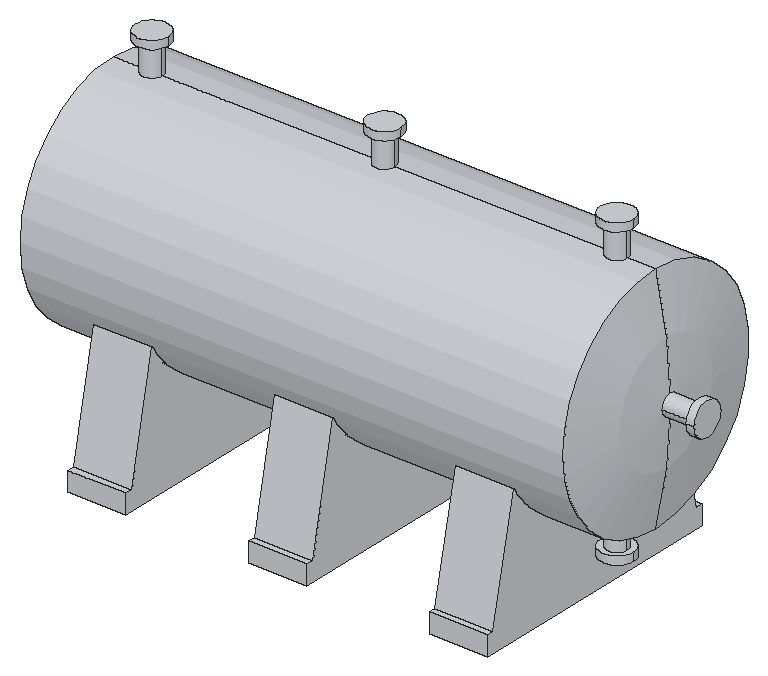
Revit family "9a85b38504ae4ae0aabf37e9b0a1548c", category Mechanical Equipment, Revit 2021
Family settings
  Round Connector Dimension = Use Radius
  Part Type = Normal
  OmniClass Number = 23.15.30.27.11
  OmniClass Title = Tanks, Reservoirs
  Seek Item ID = Storage Tank - Horizontal-0000-USA-ENU
  Work Plane-Based = No
  Always vertical = Yes
  Cut with Voids When Loaded = No
  Shared = No
  Room Calculation Point = No
Parameters (values of type "120 Gallon")
  Width 1 = 0.41 * Tank Diameter + Height 2 / tan(75.00°)  # 1' - 1.05539"
  Vent Radius = 1"
  Vent Diameter = Vent Radius * 2  # 2"
  Tank Rasius = Tank Diameter / 2  # 1' - 0"
  Tank Material = none
  Tank Length = 5' - 6 5/8"
  Tank Diameter = 2' - 0"
  Radius 1 = (((Tank Length - Body Length) / 2 - 0' 0 13/16" - 0' 3") * ((Tank Length - Body Length) / 2 - 0' 0 13/16" - 0' 3") + Tank Rasius * Tank Rasius) / (2 * ((Tank Length - Body Length) / 2 - 0' 0 13/16" - 0' 3"))  # 4' - 0 3/4"
  Outlet Radius = 1"
  Outlet Diameter = Outlet Radius * 2  # 2"
  Length 1 = Body Length / 6  # 0' - 9.33333"
  Inlet Radius = 1"
  Inlet Diameter = Inlet Radius * 2  # 2"
  Height 2 = Height 1 + Tank Diameter / 4  # 1' - 0"
  Height 1 = 0' - 6"
  Half Body Length = Body Length / 2  # 2' - 4"
  Sanitary Radius = 1"
  Sanitary Diameter = Sanitary Radius * 2  # 2"
  Flow [instance] = 0 GPM
  Default Elevation = 0' - 0"
  Connector Outside Radius = Connector Outside Diameter / 2  # 1.05"
  Connector Outside Diameter = Inlet Diameter * 1.05  # 2.1"
  Connector  Flange Outside Radius = Connector  Flange Outside Diameter / 2  # 1.7"
  Connector  Flange Outside Diameter = Inlet Diameter * 1.7  # 3.4"
  Body Length = Tank Length - 0' 0 13/16" - 0' 3" - 0' 0 13/16" - 0' 3" - 0' 3"  # 4' - 8"
  Assembly Code = ""
Types (8): name | Width 1 | Vent Radius | Vent Diameter | Tank Rasius | Tank Length | Tank Diameter | Radius 1 | Outlet Radius | Outlet Diameter | Length 1 | Inlet Radius | Inlet Diameter | Height 2 | Height 1 | Half Body Length | Sanitary Radius | Sanitary Diameter | Connector Outside Radius | Connector Outside Diameter | Connector  Flange Outside Radius | Connector  Flange Outside Diameter | Body Length
  200 Gallon | 1' - 4.31924" | 1 1/4" | 2 1/2" | 1' - 3" | 6' - 2 9/32" | 2' - 6" | 6' - 3 3/4" | 1 1/4" | 2 1/2" | 0' - 10 39/64" | 1 1/4" | 2 1/2" | 1' - 3" | 0' - 7 1/2" | 2' - 7 53/64" | 1 1/4" | 2 1/2" | 1 5/16" | 2 5/8" | 2 1/8" | 4 1/4" | 5' - 3 21/32"
  120 Gallon | 1' - 1.05539" | 1" | 2" | 1' - 0" | 5' - 6 5/8" | 2' - 0" | 4' - 0 3/4" | 1" | 2" | 0' - 9.33333" | 1" | 2" | 1' - 0" | 0' - 6" | 2' - 4" | 1" | 2" | 1.05" | 2.1" | 1.7" | 3.4" | 4' - 8"
  350 Gallon | 1' - 7.58309" | 1 1/4" | 2 1/2" | 1' - 6" | 7' - 6 9/32" | 3' - 0" | 9' - 0 3/4" | 1 1/4" | 2 1/2" | 1' - 1.27604" | 1 1/4" | 2 1/2" | 1' - 6" | 0' - 9" | 3' - 3 53/64" | 1 1/4" | 2 1/2" | 1 5/16" | 2 5/8" | 2 1/8" | 4 1/4" | 6' - 7 21/32"
  500 Gallon | 2' - 2.11078" | 1 1/2" | 3" | 2' - 0" | 8' - 7 179/256" | 4' - 0" | 16' - 0 3/4" | 1 1/2" | 3" | 1' - 3.51237" | 1 1/2" | 3" | 2' - 0" | 1' - 0" | 3' - 10.53711" | 1 1/2" | 3" | 1.575" | 3.15" | 2.55" | 5.1" | 7' - 9 19/256"
  750 Gallon | 2' - 2.11078" | 1 1/2" | 3" | 2' - 0" | 9' - 5 3/4" | 4' - 0" | 16' - 0 3/4" | 1 1/2" | 3" | 1' - 5 3/16" | 1 1/2" | 3" | 2' - 0" | 1' - 0" | 4' - 3 9/16" | 1 1/2" | 3" | 1.575" | 3.15" | 2.55" | 5.1" | 8' - 7 1/8"
  1000 Gallon | 2' - 2.11078" | 1 1/2" | 3" | 2' - 0" | 12' - 1 3/4" | 4' - 0" | 16' - 0 3/4" | 1 1/2" | 3" | 1' - 10.52083" | 1 1/2" | 3" | 2' - 0" | 1' - 0" | 5' - 7 9/16" | 1 1/2" | 3" | 1.575" | 3.15" | 2.55" | 5.1" | 11' - 3 1/8"
  2000 Gallon | 2' - 5.37463" | 1 1/2" | 3" | 2' - 3" | 12' - 3 3/4" | 4' - 6" | 20' - 3 3/4" | 1 1/2" | 3" | 1' - 10.85417" | 1 1/2" | 3" | 2' - 3" | 1' - 1 1/2" | 5' - 8 9/16" | 1 1/2" | 3" | 1.575" | 3.15" | 2.55" | 5.1" | 11' - 5 1/8"
  3000 Gallon | 2' - 8.63848" | 1 1/2" | 3" | 2' - 6" | 12' - 3 3/4" | 5' - 0" | 25' - 0 3/4" | 1 1/2" | 3" | 1' - 10.85417" | 1 1/2" | 3" | 2' - 6" | 1' - 3" | 5' - 8 9/16" | 1 1/2" | 3" | 1.575" | 3.15" | 2.55" | 5.1" | 11' - 5 1/8"
Reference planes (in)
  plane 1 "Center (Front/Back)": y = 0
  plane 2: z = 0
  plane 3 "Center (Left/Right)": x = 0
  plane 4: z = 2
  plane 5: z = 8
  plane 6: z = 20
  plane 7: x = -33.3125
  plane 8: x = 33.3125
  plane 9: x = -32.5
  plane 10: x = 32.5
  plane 11: x = -29.5
  plane 12: x = 29.5
  plane 13: z = 32
  plane 14: x = -28
  plane 15: x = 28
  plane 16: x = -24
  plane 17: z = 35
  plane 18: z = 35.8125
  plane 19: x = 24
  plane 20: z = 5
  plane 21: z = 4.1875
  plane 22: x = -18.66667
  plane 23: x = -21.66667
  plane 24: x = -15.66667
  plane 25: x = 18.66667
  plane 26: x = 21.66667
  plane 27: z = 14
  plane 28: y = -13.05539
  plane 29: y = 13.05539
  plane 30: y = -13.80539
  plane 31: y = 13.80539
  plane 32: x = 15.66667
  plane 33: x = -3
  plane 34: x = 3
  plane 35: y = 12
  plane 36: y = -12
  plane 37: y = 1.7
  plane 38: y = -1.7
  plane 39: y = 1.05
  plane 40: y = -1.05
Forms (in)
  Revolve 1, solid, material <- "Tank Material"
    sketch origin (0, 0, 0) x (1, 0, 0) y (0, 0, 1)
      loop
        arc (-28, 32) -> (-29.12355, 26.04669) -> (-29.5, 20) r 48.75
        line (-29.5, 20) -> (29.5, 20)
        arc (29.5, 20) -> (29.12355, 26.04669) -> (28, 32) r 48.75
        line (28, 32) -> (-28, 32)
      axis (-29.5, 20) -> (29.5, 20)
    angle from 0 to 360
  Extrusion 2, solid, material <- "Tank Material"
    sketch origin (0, 0, 0) x (1, 0, 0) y (0, 1, 0)
      loop
        circle (-24, 0) r 1.05
    from 32 to 35
  Extrusion 3, solid, material <- "Tank Material"
    sketch origin (0, 0, 0) x (1, 0, 0) y (0, 1, 0)
      loop
        circle (-24, 0) r 1.7
    from 35 to 35.8125
  Extrusion 4, solid, material <- "Tank Material"
    sketch origin (0, 0, 0) x (1, 0, 0) y (0, 1, 0)
      loop
        circle (24, 0) r 1.05
    from 32 to 35
  Extrusion 5, solid, material <- "Tank Material"
    sketch origin (0, 0, 0) x (1, 0, 0) y (0, 1, 0)
      loop
        circle (24, 0) r 1.7
    from 35 to 35.8125
  Extrusion 6, solid, material <- "Tank Material"
    sketch origin (0, 0, 0) x (1, 0, 0) y (0, 1, 0)
      loop
        circle (0, 0) r 1.05
    from 32 to 35
  Extrusion 7, solid, material <- "Tank Material"
    sketch origin (0, 0, 0) x (1, 0, 0) y (0, 1, 0)
      loop
        circle (0, 0) r 1.7
    from 35 to 35.8125
  Extrusion 8, solid, material <- "Tank Material"
    sketch origin (0, 0, 0) x (1, 0, 0) y (0, 1, 0)
      loop
        circle (-24, 0) r 1.05
    from 5 to 8
  Extrusion 9, solid, material <- "Tank Material"
    sketch origin (0, 0, 0) x (1, 0, 0) y (0, 1, 0)
      loop
        circle (-24, 0) r 1.7
    from 4.1875 to 5
  Extrusion 10, solid, material <- "Tank Material"
    sketch origin (0, 0, 0) x (1, 0, 0) y (0, 1, 0)
      loop
        circle (24, 0) r 1.05
    from 5 to 8
  Extrusion 11, solid, material <- "Tank Material"
    sketch origin (0, 0, 0) x (1, 0, 0) y (0, 1, 0)
      loop
        circle (24, 0) r 1.7
    from 4.1875 to 5
  Extrusion 12, solid, material <- "Tank Material"
    sketch origin (0, 0, 0) x (0, 1, 0) y (0, 0, 1)
      loop
        circle (0, 20) r 1.05
    from -32.5 to -29.5
  Extrusion 13, solid, material <- "Tank Material"
    sketch origin (0, 0, 0) x (0, 1, 0) y (0, 0, 1)
      loop
        circle (0, 20) r 1.7
    from -33.3125 to -32.5
  Extrusion 14, solid, material <- "Tank Material"
    sketch origin (0, 0, 0) x (0, 1, 0) y (0, 0, 1)
      loop
        circle (0, 20) r 1.05
    from 29.5 to 32.5
  Extrusion 15, solid, material <- "Tank Material"
    sketch origin (0, 0, 0) x (0, 1, 0) y (0, 0, 1)
      loop
        circle (0, 20) r 1.7
    from 32.5 to 33.3125
  Extrusion 16, solid, material <- "Tank Material"
    sketch origin (0, 0, 0) x (0, 1, 0) y (0, 0, 1)
      loop
        arc (10.3923, 14) -> (0, 8) -> (-10.3923, 14) r 12
        line (-10.3923, 14) -> (-13.05539, 2) -> (-13.80539, 2) -> (-13.80539, 0) -> (13.80539, 0) -> (13.80539, 2) -> (13.05539, 2) -> (10.3923, 14)
    from -21.66667 to -15.66667
  Extrusion 17, solid, material <- "Tank Material"
    sketch origin (78.5, 0, 0) x (0, 1, 0) y (0, 0, 1)
      loop
        arc (10.3923, 14) -> (0, 8) -> (-10.3923, 14) r 12
        line (-10.3923, 14) -> (-13.05539, 2) -> (-13.80539, 2) -> (-13.80539, 0) -> (13.80539, 0) -> (13.80539, 2) -> (13.05539, 2) -> (10.3923, 14)
    from -62.83333 to -56.83333
  Extrusion 18, solid, material <- "Tank Material"
    sketch origin (18.66667, 0, 0) x (0, 1, 0) y (0, 0, 1)
      loop
        arc (10.3923, 14) -> (0, 8) -> (-10.3923, 14) r 12
        line (-10.3923, 14) -> (-13.05539, 2) -> (-13.80539, 2) -> (-13.80539, 0) -> (13.80539, 0) -> (13.80539, 2) -> (13.05539, 2) -> (10.3923, 14)
    from -21.66667 to -15.66667
Lines and regions (in)
  symbolic lines, detail levels fine
    curve 1: circle (-24, 0, 0) r 1.7 normal (0, 0, 1)
    curve 2: circle (0, 0, 0) r 1.7 normal (0, 0, 1)
    curve 3: circle (24, 0, 0) r 1.7 normal (0, 0, 1)
Dimensions and locks (in)
  locked: plane 4 to plane 2 at 2
  "Height 1": plane 5 to plane 4
  "Tank Rasius": plane 6 to plane 5
  "Tank Length": plane 8 to plane 7
  equal spacing: plane 8, plane 3 "Center (Left/Right)", plane 7
  locked: plane 9 to plane 7 at 0.8125
  locked: plane 8 to plane 10 at 0.8125
  locked: plane 11 to plane 9 at 3
  locked: plane 10 to plane 12 at 3
  "Tank Rasius": plane 13 to plane 6
  "Half Body Length": plane 3 "Center (Left/Right)" to plane 14
  "Half Body Length": plane 15 to plane 3 "Center (Left/Right)"
  locked: plane 14 to plane 16 at 4
  locked: plane 17 to plane 13 at 3
  locked: plane 18 to plane 17 at 0.8125
  locked: plane 19 to plane 15 at 4
  locked: plane 5 to plane 20 at 3
  locked: plane 20 to plane 21 at 0.8125
  "Length 1": plane 22 to plane 14
  locked: plane 22 to plane 23 at 3
  locked: plane 24 to plane 22 at 3
  "Length 1": plane 15 to plane 25
  locked: plane 26 to plane 25 at 3
  "Width 1": plane 1 "Center (Front/Back)" to plane 28
  "Width 1": plane 29 to plane 1 "Center (Front/Back)"
  locked: plane 28 to plane 30 at 0.75
  locked: plane 31 to plane 29 at 0.75
  "Height 2": plane 27 to plane 4
  locked: plane 25 to plane 32 at 3
  locked: plane 34 to plane 3 "Center (Left/Right)" at 3
  locked: plane 3 "Center (Left/Right)" to plane 33 at 3
  "Tank Rasius": plane 1 "Center (Front/Back)" to plane 35
  "Tank Rasius": plane 1 "Center (Front/Back)" to plane 36
  "Connector  Flange Outside Radius": plane 37 to plane 1 "Center (Front/Back)"
  "Connector  Flange Outside Radius": plane 1 "Center (Front/Back)" to plane 38
  "Connector Outside Radius": plane 1 "Center (Front/Back)" to plane 39
  "Connector Outside Radius": plane 40 to plane 1 "Center (Front/Back)"
  "Connector Outside Radius": radius of Extrusion 2 sketch curve
  "Connector  Flange Outside Radius": radius of Extrusion 3 sketch curve
  "Connector Outside Radius": radius of Extrusion 4 sketch curve
  "Connector  Flange Outside Radius": radius of Extrusion 5 sketch curve
  "Connector Outside Radius": radius of Extrusion 6 sketch curve
  "Connector  Flange Outside Radius": radius of Extrusion 7 sketch curve
  "Connector Outside Radius": radius of Extrusion 8 sketch curve
  "Connector  Flange Outside Radius": radius of Extrusion 9 sketch curve
  "Connector Outside Radius": radius of Extrusion 10 sketch curve
  "Connector  Flange Outside Radius": radius of Extrusion 11 sketch curve
  "Connector Outside Radius": radius of Extrusion 12 sketch curve
  "Connector  Flange Outside Radius": radius of Extrusion 13 sketch curve
  "Connector Outside Radius": radius of Extrusion 14 sketch curve
  "Connector  Flange Outside Radius": radius of Extrusion 15 sketch curve
  "Tank Rasius": radius of Extrusion 16 sketch curve
  "Tank Rasius": radius of Extrusion 17 sketch curve
  "Tank Rasius": radius of Extrusion 18 sketch curve
  "Connector  Flange Outside Radius": radius of curve 1
  "Connector  Flange Outside Radius": radius of curve 2
  "Connector  Flange Outside Radius": radius of curve 3
  aligned and locked: Revolve 1 sketch curve to plane 6  (x2)
  aligned and locked: Revolve 1 sketch curve to plane 13
  aligned and locked: plane 14 to Revolve 1 sketch curve
  aligned and locked: Revolve 1 sketch curve to Revolve 1 sketch curve
  aligned and locked: plane 15 to Revolve 1 sketch curve
  aligned and locked: plane 11 to Revolve 1 sketch curve
  aligned and locked: plane 12 to Revolve 1 sketch curve
  aligned and locked: plane 1 "Center (Front/Back)" to Extrusion 2 sketch curve
  aligned and locked: plane 16 to Extrusion 2 sketch curve
  aligned and locked: plane 13 to Extrusion 2
  aligned and locked: plane 17 to Extrusion 2
  aligned and locked: plane 1 "Center (Front/Back)" to Extrusion 3 sketch curve
  aligned and locked: plane 16 to Extrusion 3 sketch curve
  aligned and locked: plane 17 to Extrusion 3
  aligned and locked: plane 18 to Extrusion 3
  aligned and locked: plane 1 "Center (Front/Back)" to Extrusion 4 sketch curve
  aligned and locked: plane 19 to Extrusion 4 sketch curve
  aligned and locked: Extrusion 4 to Extrusion 2
  aligned and locked: Extrusion 4 to plane 13
  aligned and locked: plane 1 "Center (Front/Back)" to Extrusion 5 sketch curve
  aligned and locked: plane 19 to Extrusion 5 sketch curve
  aligned and locked: plane 18 to Extrusion 5
  aligned and locked: Extrusion 5 to plane 17
  aligned and locked: plane 3 "Center (Left/Right)" to Extrusion 6 sketch curve
  aligned and locked: plane 1 "Center (Front/Back)" to Extrusion 6 sketch curve
  aligned and locked: plane 17 to Extrusion 6
  aligned and locked: Extrusion 6 to plane 13
  aligned and locked: plane 3 "Center (Left/Right)" to Extrusion 7 sketch curve
  aligned and locked: plane 1 "Center (Front/Back)" to Extrusion 7 sketch curve
  aligned and locked: plane 18 to Extrusion 7
  aligned and locked: Extrusion 7 to plane 17
  aligned and locked: plane 16 to Extrusion 8 sketch curve
  aligned and locked: plane 1 "Center (Front/Back)" to Extrusion 8 sketch curve
  aligned and locked: plane 5 to Extrusion 8
  aligned and locked: Extrusion 8 to plane 20
  aligned and locked: plane 16 to Extrusion 9 sketch curve
  aligned and locked: plane 1 "Center (Front/Back)" to Extrusion 9 sketch curve
  aligned and locked: Extrusion 9 to plane 21
  aligned and locked: plane 20 to Extrusion 9
  aligned and locked: plane 19 to Extrusion 10 sketch curve
  aligned and locked: plane 1 "Center (Front/Back)" to Extrusion 10 sketch curve
  aligned and locked: plane 5 to Extrusion 10
  aligned and locked: Extrusion 10 to plane 20
  aligned and locked: plane 19 to Extrusion 11 sketch curve
  aligned and locked: plane 1 "Center (Front/Back)" to Extrusion 11 sketch curve
  aligned and locked: plane 20 to Extrusion 11
  aligned and locked: Extrusion 11 to plane 21
  aligned and locked: plane 1 "Center (Front/Back)" to Extrusion 12 sketch curve
  aligned and locked: plane 6 to Extrusion 12 sketch curve
  aligned and locked: Extrusion 12 to plane 9
  aligned and locked: plane 11 to Extrusion 12
  aligned and locked: plane 1 "Center (Front/Back)" to Extrusion 13 sketch curve
  aligned and locked: plane 6 to Extrusion 13 sketch curve
  aligned and locked: Extrusion 13 to plane 7
  aligned and locked: plane 9 to Extrusion 13
  aligned and locked: plane 1 "Center (Front/Back)" to Extrusion 14 sketch curve
  aligned and locked: plane 6 to Extrusion 14 sketch curve
  aligned and locked: plane 10 to Extrusion 14
  aligned and locked: Extrusion 14 to plane 12
  aligned and locked: plane 6 to Extrusion 15 sketch curve
  aligned and locked: plane 1 "Center (Front/Back)" to Extrusion 15 sketch curve
  aligned and locked: plane 8 to Extrusion 15
  aligned and locked: Extrusion 15 to plane 10
  aligned and locked: plane 6 to Extrusion 16 sketch curve
  aligned and locked: plane 1 "Center (Front/Back)" to Extrusion 16 sketch curve
  aligned and locked: plane 27 to Extrusion 16 sketch curve  (x2)
  aligned and locked: plane 4 to Extrusion 16 sketch curve  (x4)
  aligned and locked: plane 28 to Extrusion 16 sketch curve
  aligned and locked: plane 29 to Extrusion 16 sketch curve
  aligned and locked: plane 30 to Extrusion 16 sketch curve  (x2)
  aligned and locked: Extrusion 16 sketch curve to plane 31
  aligned and locked: plane 2 to Extrusion 16 sketch curve  (x2)
  aligned and locked: plane 31 to Extrusion 16 sketch curve
  aligned and locked: Extrusion 16 to plane 23
  aligned and locked: plane 24 to Extrusion 16
  aligned and locked: plane 26 to Extrusion 17
  aligned and locked: Extrusion 17 to plane 32
  aligned and locked: plane 6 to Extrusion 17 sketch curve
  aligned and locked: plane 1 "Center (Front/Back)" to Extrusion 17 sketch curve
  aligned and locked: plane 27 to Extrusion 17 sketch curve  (x2)
  aligned and locked: plane 4 to Extrusion 17 sketch curve  (x4)
  aligned and locked: plane 28 to Extrusion 17 sketch curve
  aligned and locked: plane 30 to Extrusion 17 sketch curve  (x2)
  aligned and locked: plane 29 to Extrusion 17 sketch curve
  aligned and locked: Extrusion 17 sketch curve to plane 31
  aligned and locked: plane 2 to Extrusion 17 sketch curve  (x2)
  aligned and locked: plane 31 to Extrusion 17 sketch curve
  aligned and locked: plane 34 to Extrusion 18
  aligned and locked: Extrusion 18 to plane 33
  aligned and locked: plane 6 to Extrusion 18 sketch curve
  aligned and locked: plane 1 "Center (Front/Back)" to Extrusion 18 sketch curve
  aligned and locked: plane 27 to Extrusion 18 sketch curve  (x2)
  aligned and locked: plane 4 to Extrusion 18 sketch curve  (x4)
  aligned and locked: plane 29 to Extrusion 18 sketch curve
  aligned and locked: plane 28 to Extrusion 18 sketch curve
  aligned and locked: plane 31 to Extrusion 18 sketch curve  (x2)
  aligned and locked: plane 30 to Extrusion 18 sketch curve  (x2)
  aligned and locked: plane 2 to Extrusion 18 sketch curve  (x2)
  aligned and locked: plane 16 to curve 1
  aligned and locked: plane 1 "Center (Front/Back)" to curve 1
  aligned and locked: plane 1 "Center (Front/Back)" to curve 2
  aligned and locked: plane 3 "Center (Left/Right)" to curve 2
  aligned and locked: plane 1 "Center (Front/Back)" to curve 3
  aligned and locked: plane 19 to curve 3
Automatic sketch dimensions
  Revolve 1 sketch curve to plane 12 = 0' - 0"
  plane 8 to Revolve 1 sketch curve = 0' - 4 7/16"
Connectors (in)
  piping at (-24, 0, 4.1875), diameter 2, driven by "Inlet Radius", driven by "Flow"
    settings: on Extrusion 9, index 1, connector inside diameter 2", connector length 0' - 0", flow factor 0, pipe flow 0 GPM, pressure drop 0.00 psi, fitting loss kfactor 0, connector angle 0.00°, fixture units 0, engagement length 0' - 0", angle of deflection 0.00°, flow configuration 1, flow direction 1, fitting loss method 4, system type 22, joint type 0, gender type 0, connector reference index -1, connector utility 0, adjustable connector no, is connector primary yes, connector description "Tank In"
  piping at (24, 0, 35.8125), diameter 2, driven by "Outlet Radius", driven by "Flow"
    settings: on Extrusion 5, index 2, connector inside diameter 2", connector length 0' - 0", flow factor 0, pipe flow 0 GPM, pressure drop 0.00 psi, fitting loss kfactor 0, connector angle 0.00°, fixture units 0, engagement length 0' - 0", angle of deflection 0.00°, flow configuration 0, flow direction 2, fitting loss method 4, system type 22, joint type 0, gender type 0, connector reference index -1, connector utility 0, adjustable connector no, is connector primary no, connector description "Tank Out"
  piping at (24, 0, 4.1875), diameter 2, driven by "Sanitary Radius"
    settings: on Extrusion 11, index 3, connector inside diameter 2", connector length 0' - 0", flow factor 0, pipe flow 0 GPM, pressure drop 0.00 psi, fitting loss kfactor 0, connector angle 0.00°, fixture units 0, engagement length 0' - 0", angle of deflection 0.00°, flow configuration 1, flow direction 2, fitting loss method 0, system type 16, joint type 0, gender type 0, connector reference index -1, connector utility 0, adjustable connector no, is connector primary no, connector description "Out"
  piping at (0, 0, 35.8125), diameter 2, driven by "Vent Radius"
    settings: on Extrusion 7, index 4, connector inside diameter 2", connector length 0' - 0", flow factor 0, pipe flow 0 GPM, pressure drop 0.00 psi, fitting loss kfactor 0, connector angle 0.00°, fixture units 0, engagement length 0' - 0", angle of deflection 0.00°, flow configuration 1, flow direction 2, fitting loss method 0, system type 22, joint type 0, gender type 0, connector reference index -1, connector utility 0, adjustable connector no, is connector primary no, connector description "Out"
